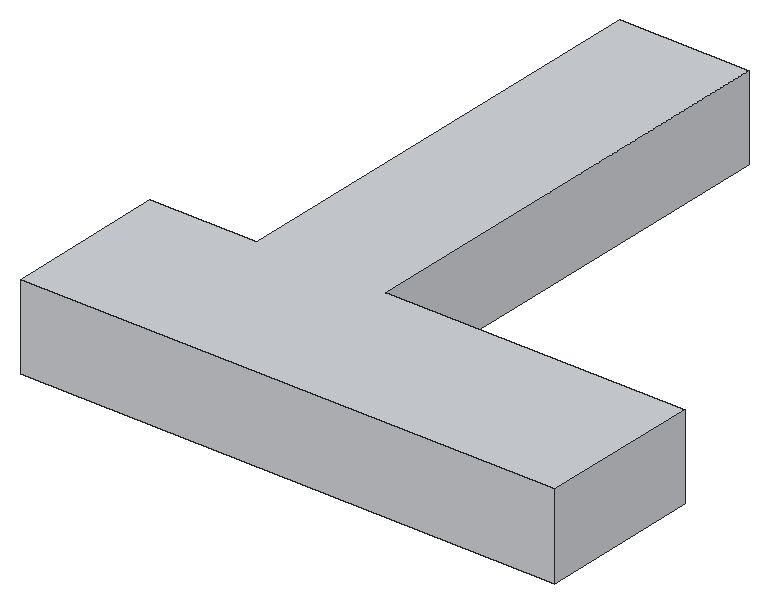
Revit family "Directional_Thing", category Generic Models, Revit 2018
Family settings
  Can host rebar = No
  Round Connector Dimension = Use Diameter
  Part Type = Normal
  Work Plane-Based = No
  Always vertical = Yes
  Cut with Voids When Loaded = No
  Shared = No
  Room Calculation Point = No
Reference planes
  plane 1 "Center (Front/Back)": y = 0
  plane 2: z = 0
  plane 3 "Center (Left/Right)": x = 0
Forms (mm)
  Extrusion 1, solid
    sketch origin (0, 0, 0) x (1, 0, 0) y (0, 1, 0)
      loop
        line (-696.377, 226.168) -> (-696.377, -253.832) -> (883.623, -253.832) -> (883.623, 226.168) -> (0, 226.168) -> (0, 1566.168) -> (-380, 1566.168) -> (-380, 226.168) -> (-696.377, 226.168)
    from 0 to 250
Dimensions and locks
  aligned and locked: level to plane 2
